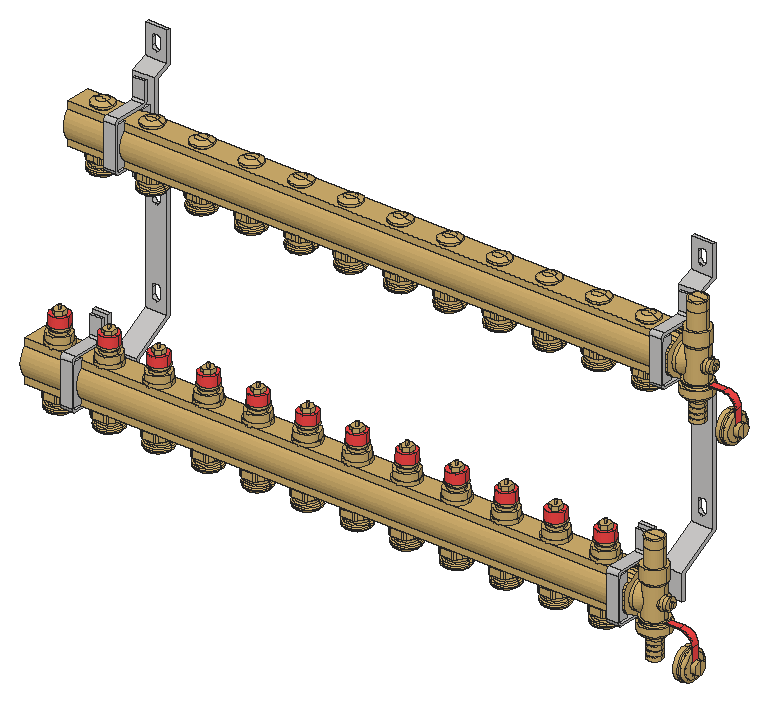
Revit family "Manifold FHF_2-12_RFA", category Pipe Accessories, Revit 2019 (continued)
Types (11, lengths in mm): name | Number of Circuits | Model Type | Model | Length | L1 | L bracket | L
  Manifold FHF_12+12_088U0512 | 12 | "Manifold FHF_12+12" | "088U0512" | 600 | 611 | 550 | 670
  Manifold FHF_3+3_088U0503 | 3 | "Manifold FHF_3+3" | "088U0503" | 150 | 161 | 100 | 220
  Manifold FHF_4+4_088U0504 | 4 | "Manifold FHF_4+4" | "088U0504" | 200 | 211 | 150 | 270
  Manifold FHF_5+5_088U0505 | 5 | "Manifold FHF_5+5" | "088U0505" | 250 | 261 | 200 | 320
  Manifold FHF_6+6_088U0506 | 6 | "Manifold FHF_6+6" | "088U0506" | 300 | 311 | 250 | 370
  Manifold FHF_7+7_088U0507 | 7 | "Manifold FHF_7+7" | "088U0507" | 350 | 361 | 300 | 420
  Manifold FHF_8+8_088U0508 | 8 | "Manifold FHF_8+8" | "088U0508" | 400 | 411 | 350 | 470
  Manifold FHF_9+9_088U0509 | 9 | "Manifold FHF_9+9" | "088U0509" | 450 | 461 | 400 | 520
  Manifold FHF_10+10_088U0510 | 10 | "Manifold FHF_10+10" | "088U0510" | 500 | 511 | 450 | 570
  Manifold FHF_11+11_088U0511 | 11 | "Manifold FHF_11+11" | "088U0511" | 550 | 561 | 500 | 620
